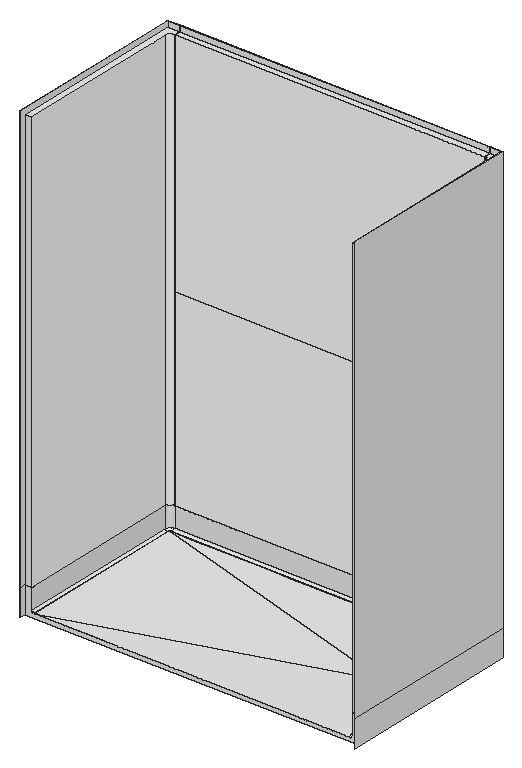
Revit family "5LRS6032FBE75B,FBE2B", category Plumbing Fixtures, Revit 2014
Parameters (values of type "5LRS6032FBE75B")
  Unit Width = 5' - 0"
  Unit Height = 6' - 9 1/4"
  URL = "http://www.best-bath.com/"
  Type Comments = "Barrier Free"
  Threshold Height = 0' - 0 3/4"
  Model = "5LRS6032FBE75B"
  Material [instance] = Best Bath Gelcoat Fiberglass - RealTile
  Manufacturer = "Best Bath Systems, Inc."
  Keynote = "22 40 00.B3"
  Description = "RealTile, Beveled Threshold"
  Assembly Code = "D2010710"
Types (3): name | Unit Height | Threshold Height | Model
  (no name) | 6' - 9 1/4" | 0' - 0 3/4" | "5LRS6032FBE75B"
  5LRS6032FBE75B | 6' - 9 1/4" | 0' - 0 3/4" | "5LRS6032FBE75B"
  5LRS6032FBE2B | 6' - 10 1/2" | 0' - 2" | "5LRS6032FBE2B"
Reference planes (in)
  plane 1: z = 0
  plane 2 "Left": x = 0
  plane 3: z = 80.25
  plane 4: z = 81.25
  plane 5: y = 4.36165
  plane 6: y = 36.36165
  plane 7: x = 60
  plane 8: y = 35.11165
  plane 9: y = 20.36165
  plane 10: x = 51.5
  plane 11: z = 0.375
  plane 12: z = 0.75
  plane 13: z = 39
  plane 14: z = 4.75
  plane 15: y = 3.36165
Forms (in)
  Extrusion 1, solid, material "Best Bath Gelcoat Fiberglass - Smooth"
    sketch origin (0, 0, 0) x (1, 0, 0) y (0, 1, 0)
      loop
        line (0, 4.36165) -> (60, 4.36165) -> (60, 36.36165) -> (0, 36.36165) -> (0, 4.36165)
      loop
        circle (51.5, 20.36165) r 2.125
    from 0 to 0.75
  Extrusion 2, solid, material "Best Bath Gelcoat Fiberglass - Smooth"
    sketch origin (0, 0, 0) x (1, 0, 0) y (0, 1, 0)
      loop
        line (2.25, 36.36165) -> (2.25, 35.11165) -> (57.75, 35.11165) -> (57.75, 36.36165) -> (2.25, 36.36165)
    from 4.75 to 39
  Blend 3, void
    base sketch origin (0, 0, 0) x (1, 0, 0) y (0, 1, 0)
      loop
        line (1.875, 4.36165) -> (58.125, 4.36165) -> (58.125, 34.48665) -> (1.875, 34.48665) -> (1.875, 4.36165)
    top sketch origin (0, 0, 0) x (1, 0, 0) y (0, 1, 0)
      loop
        circle (51.5, 20.36165) r 0.07952
    from 0.75 to 0.375
  Extrusion 4, solid, material "Best Bath Gelcoat Fiberglass - Smooth"
    sketch origin (0, 0, 0) x (1, 0, 0) y (0, 1, 0)
      loop
        line (2.25, 36.36165) -> (2.25, 35.11165) -> (57.75, 35.11165) -> (57.75, 36.36165) -> (2.25, 36.36165)
    from 39 to 80.25
  Extrusion 5, solid, material "Best Bath Gelcoat Fiberglass - Smooth"
    sketch origin (0.25, 0, 0) x (1, 0, 0) y (0, 1, 0)
      loop
        line (-0.25, 4.36165) -> (1, 4.36165) -> (1, 34.11165)
        arc (1, 34.11165) -> (1.29289, 34.81875) -> (2, 35.11165) r 1
        line (2, 35.11165) -> (2, 36.36165) -> (-0.25, 36.36165) -> (-0.25, 4.36165)
      loop
        line (59.75, 4.36165) -> (59.75, 36.36165) -> (57.5, 36.36165) -> (57.5, 35.11165)
        arc (57.5, 35.11165) -> (58.20711, 34.81875) -> (58.5, 34.11165) r 1
        line (58.5, 34.11165) -> (58.5, 4.36165) -> (59.75, 4.36165)
    from 4.75 to 80.25
  Extrusion 6, solid, material "Best Bath Gelcoat Fiberglass - Smooth"
    sketch origin (0, 0, 0) x (1, 0, 0) y (0, 1, 0)
      loop
        line (0, 36.36165) -> (0, 4.36165) -> (1.25, 4.36165) -> (1.25, 34.11165)
        arc (1.25, 34.11165) -> (1.54289, 34.81875) -> (2.25, 35.11165) r 1
        line (2.25, 35.11165) -> (57.75, 35.11165)
        arc (57.75, 35.11165) -> (58.45711, 34.81875) -> (58.75, 34.11165) r 1
        line (58.75, 34.11165) -> (58.75, 4.36165) -> (60, 4.36165) -> (60, 35.11165) -> (60, 36.36165) -> (0, 36.36165)
    from 0 to 4.75
  Sweep 7, solid, material "Best Bath Gelcoat Fiberglass - Smooth"
    path origin (0, 0, 0) x (1, 0, 0) y (0, 1, 0)
      loop
        line (1.25, 4.36165) -> (1.25, 34.11165)
        arc (1.25, 34.11165) -> (1.54289, 34.81875) -> (2.25, 35.11165) r 1
        line (2.25, 35.11165) -> (57.75, 35.11165)
        arc (57.75, 35.11165) -> (58.45711, 34.81875) -> (58.75, 34.11165) r 1
        line (58.75, 34.11165) -> (58.75, 4.36165)
    profile origin (1.25, 19.23665, 0) x (-1, 0, 0) y (0, 0, 1)
      loop
        line (0, 0.75) -> (0, 1.125)
        arc (0, 1.125) -> (-0.10983, 0.85983) -> (-0.375, 0.75) r 0.375
        line (-0.375, 0.75) -> (0, 0.75)
  Extrusion 8, solid, material "Best Bath Gelcoat Fiberglass - Smooth"
    sketch origin (0, 0, 0) x (1, 0, 0) y (0, 1, 0)
      loop
        line (0, 3.36165) -> (0.125, 3.36165) -> (0.125, 4.36165) -> (0, 4.36165) -> (0, 3.36165)
      loop
        line (60, 3.36165) -> (60, 4.36165) -> (59.875, 4.36165) -> (59.875, 3.36165) -> (60, 3.36165)
    from 0 to 4.75
  Extrusion 9, solid, material "Best Bath Gelcoat Fiberglass - Smooth"
    sketch origin (0, 0, 0) x (1, 0, 0) y (0, 1, 0)
      loop
        line (2.25, 36.36165) -> (2.25, 36.23665) -> (57.75, 36.23665) -> (57.75, 36.36165) -> (2.25, 36.36165)
    from 80.25 to 81.25
  Extrusion 10, solid, material "Best Bath Gelcoat Fiberglass - Smooth"
    sketch origin (0, 0, 0) x (1, 0, 0) y (0, 1, 0)
      loop
        line (0.125, 3.36165) -> (0.125, 36.23665) -> (2.25, 36.23665) -> (2.25, 36.36165) -> (0, 36.36165) -> (0, 3.36165) -> (0.125, 3.36165)
      loop
        line (59.875, 3.36165) -> (60, 3.36165) -> (60, 36.36165) -> (57.75, 36.36165) -> (57.75, 36.23665) -> (59.875, 36.23665) -> (59.875, 3.36165)
    from 4.75 to 81.25
Cuts and joins
  Blend 3 cuts Extrusion 1
  joined: Extrusion 1, Extrusion 6, Sweep 7, Extrusion 8
  joined: Extrusion 4, Extrusion 9
  joined: Extrusion 5, Extrusion 10
Dimensions and locks (in)
  locked: plane 4 to plane 3 at 1
  "Unit Height": plane 4 to level
  plane 2 "Left" to plane 10 to plane 7 = 4' - 3 1/2", 0' - 8 1/2" locked
  "Unit Width": plane 2 "Left" to plane 7
  locked: plane 6 to plane 8 at 1.25
  locked: plane 6 to plane 9 at 16
  "Threshold Height": plane 12 to level
  locked: plane 12 to plane 11 at 0.375
  locked: plane 13 to plane 14 at 34.25
  locked: plane 14 to plane 12 at 4
  locked: plane 5 to plane 15 at 1
  locked: plane 6 to plane 15 at 33
  aligned and locked: level to plane 1
  aligned and locked: Extrusion 1 sketch curve to plane 5
  aligned and locked: Extrusion 1 sketch curve to plane 2 "Left"
  aligned and locked: plane 6 to Extrusion 1 sketch curve
  aligned and locked: Extrusion 1 sketch curve to plane 7
  aligned and locked: plane 10 to Extrusion 1 sketch curve
  aligned and locked: plane 9 to Extrusion 1 sketch curve
  aligned and locked: plane 12 to Extrusion 1
  aligned and locked: plane 9 to Blend 3 sketch curve
  aligned and locked: plane 10 to Blend 3 sketch curve
  aligned and locked: Extrusion 1 to Blend 3
  aligned and locked: Blend 3 to plane 11
  aligned and locked: plane 13 to Extrusion 2
  aligned and locked: Extrusion 4 to Extrusion 2
  aligned and locked: plane 3 to Extrusion 4
  aligned and locked: plane 3 to Extrusion 5
  aligned and locked: plane 14 to Extrusion 6
  aligned and locked: Extrusion 5 to plane 14
  aligned and locked: Extrusion 2 to plane 14
  aligned and locked: Sweep 7 sketch curve to plane 12
  aligned and locked: Extrusion 8 to Extrusion 2
  aligned and locked: Extrusion 9 to plane 3
  aligned and locked: plane 4 to Extrusion 9
  aligned and locked: Extrusion 10 to Extrusion 2
  aligned and locked: plane 4 to Extrusion 10
Automatic sketch dimensions
  Extrusion 6 sketch curve to plane 2 "Left" = 0' - 0"
  Extrusion 6 sketch curve to plane 5 = 0' - 0"  (x2)
  Extrusion 6 sketch curve to plane 8 = 0' - 0"  (x2)
  Extrusion 6 sketch curve to plane 7 = 0' - 0"
  Extrusion 6 sketch curve to plane 6 = 0' - 0"
  Extrusion 6 sketch curve to Extrusion 6 sketch curve = 0' - 1 1/4"  (x2)
  Extrusion 6 sketch curve to Extrusion 6 sketch curve = 0' - 1"
  Extrusion 6 sketch curve to plane 8 = 0' - 1"
  Extrusion 5 sketch curve to plane 2 "Left" = 0' - 0"
  Extrusion 5 sketch curve to plane 5 = 0' - 0"  (x2)
  Extrusion 5 sketch curve to plane 6 = 0' - 0"  (x2)
  Extrusion 5 sketch curve to plane 8 = 0' - 0"  (x2)
  Extrusion 5 sketch curve to plane 7 = 0' - 0"
  Extrusion 5 sketch curve to Extrusion 5 sketch curve = 0' - 1 1/4"
  Extrusion 5 sketch curve to Extrusion 5 sketch curve = 0' - 1"
  plane 7 to Extrusion 5 sketch curve = 0' - 2 1/4"
  Extrusion 5 sketch curve to plane 8 = 0' - 1"
  Extrusion 2 sketch curve to plane 8 = 0' - 0"
  Extrusion 2 sketch curve to plane 6 = 0' - 0"
  plane 2 "Left" to Extrusion 2 sketch curve = 0' - 2 1/4"
  plane 7 to Extrusion 2 sketch curve = 0' - 2 1/4"
  Extrusion 4 sketch curve to plane 8 = 0' - 0"
  Extrusion 4 sketch curve to plane 6 = 0' - 0"
  plane 2 "Left" to Extrusion 4 sketch curve = 0' - 2 1/4"
  plane 7 to Extrusion 4 sketch curve = 0' - 2 1/4"
  Sweep 7 sketch curve to plane 5 = 0' - 0"  (x2)
  Sweep 7 sketch curve to plane 8 = 0' - 0"
  plane 2 "Left" to Sweep 7 sketch curve = 0' - 1 1/4"
  Sweep 7 sketch curve to Sweep 7 sketch curve = 0' - 1"
  Sweep 7 sketch curve to plane 8 = 0' - 1"
  plane 7 to Sweep 7 sketch curve = 0' - 2 1/4"
  Sweep 7 sketch curve to profile plane = 0' - 0"
  profile plane to Sweep 7 sketch curve = 0' - 0 3/8"
  Blend 3 sketch curve to plane 5 = 0' - 0"
  Blend 3 sketch curve to plane 8 = 0' - 0 5/8"
  plane 2 "Left" to Blend 3 sketch curve = 0' - 1 7/8"
  plane 7 to Blend 3 sketch curve = 0' - 1 7/8"
  Extrusion 8 sketch curve to plane 2 "Left" = 0' - 0"
  Extrusion 8 sketch curve to plane 5 = 0' - 0"  (x2)
  Extrusion 8 sketch curve to plane 15 = 0' - 0"  (x2)
  Extrusion 8 sketch curve to plane 7 = 0' - 0"
  plane 2 "Left" to Extrusion 8 sketch curve = 0' - 0 1/8"
  plane 7 to Extrusion 8 sketch curve = 0' - 0 1/8"
  Extrusion 9 sketch curve to plane 6 = 0' - 0"
  plane 2 "Left" to Extrusion 9 sketch curve = 0' - 2 1/4"
  plane 7 to Extrusion 9 sketch curve = 0' - 2 1/4"
  Extrusion 9 sketch curve to plane 6 = 0' - 0 1/8"
  Extrusion 10 sketch curve to plane 2 "Left" = 0' - 0"
  Extrusion 10 sketch curve to plane 15 = 0' - 0"  (x2)
  Extrusion 10 sketch curve to plane 6 = 0' - 0"  (x2)
  Extrusion 10 sketch curve to plane 7 = 0' - 0"
  plane 2 "Left" to Extrusion 10 sketch curve = 0' - 0 1/8"
  Extrusion 10 sketch curve to plane 6 = 0' - 0 1/8"  (x2)
  Extrusion 10 sketch curve to Extrusion 10 sketch curve = 0' - 2 1/8"
  plane 7 to Extrusion 10 sketch curve = 0' - 2 1/4"
  plane 7 to Extrusion 10 sketch curve = 0' - 0 1/8"
  radius of Extrusion 1 sketch curve = 0' - 2 1/8"
  radius of Blend 3 sketch curve = 0' - 0.07952"
